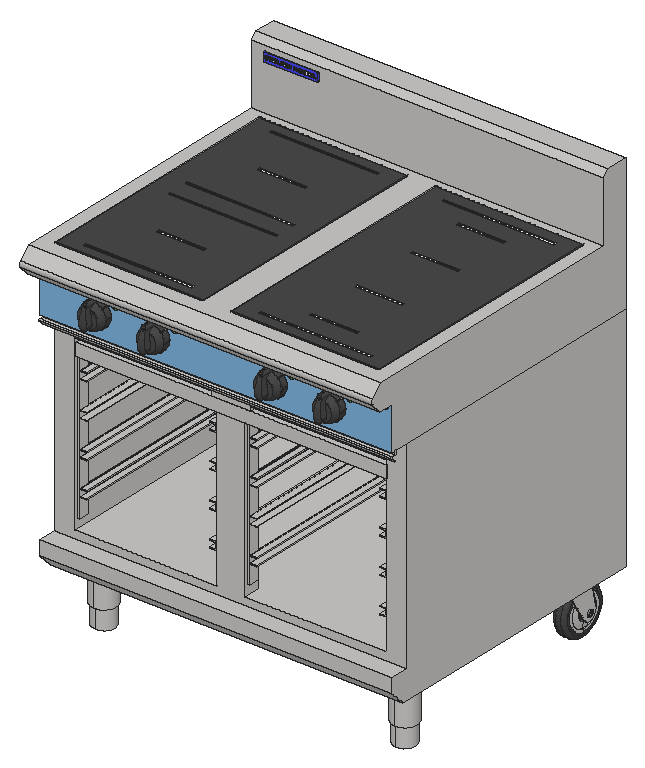
Revit family "QF_Moffat_IN514R5F-CB_Induction_Cooktop_cat", category Specialty Equipment, Revit 2019
Family settings
  Round Connector Dimension = Use Diameter
  Part Type = Normal
  Work Plane-Based = No
  Always vertical = Yes
  Cut with Voids When Loaded = No
  Shared = No
  Room Calculation Point = No
Parameters (values of type "IN514R5F-CB")
  Weight in Kilograms = 105
  Watts = 11620 W
  Volts = 415 V
  URL Cutsheet = ""
  Specification by User = ""
  Specification by Manufacturer = ""
  Show Logo [instance] = yes
  Show Legs [instance] = not(Show Castors)  # no
  Show Castors [instance] = yes
  Serial Number = ""
  Seismic Rating = ""
  SMACNA No = ""
  Revision Code = ""
  Phase = 3
  Number of Poles = 1
  NAFEM Spec ID Number = ""
  Model = "IN514R5F-CB"
  Min Ckt Ampacity = 0 A
  Max Overcurrent Protection = 0 A
  Masterspec = ""
  Manufacturer = "Moffat"
  Length = 900 mm
  Item Number = ""
  Installed By = ""
  Identify Quantity as Lot = yes
  Height = 1085 mm
  HP = ""
  Furnished By = ""
  Foodservice Equipment Identifier = yes
  FL Amps = 28 A
  Electrical Remarks = ""
  Electric Connection Type = ""
  Elec Conn RI Height = 0 mm
  Elec Conn Connection Height = 0 mm
  Description = "Induction Cooktop"
  Depth = 812.2 mm
  Cycle = 60 Hz
  Conn Plug = ""
  Conn Conduit = yes
  CSI MasterFormat = ""
  Apparent Power = if(Phase = 3, Volts * FL Amps * 1.73, Volts * FL Amps)  # 20102.6 VA
Reference planes
  plane 1 "BACK": y = 0
  plane 2: z = 0
  plane 3 "LEFT": x = 0
  plane 4 "RIGHT": x = 900
  plane 5 "FRONT": y = -812.2
  plane 6 "TOP": z = 1085
  plane 7 "Center Y": x = 450
  plane 8 "Center X": y = -406.1
  plane 9: x = 65.5
  plane 10: x = 834.5
  plane 11: y = -30
  plane 12: x = 770
  plane 13: z = 635
  plane 14: y = -100
  plane 15: y = -625
  plane 16: z = 150
Forms (mm)
  Extrusion 1, solid, material "QF_Metal_Stainless_Polished"
    sketch origin (0, 0, 560) x (0, 1, 0) y (0, 0, 1)
      loop
        line (0, 180) -> (0, 525) -> (-57, 525) -> (-70, 512) -> (-70, 354.5) -> (-784.171, 354.5) -> (-808.685, 329.985)
        arc (-808.685, 329.985) -> (-812.2, 321.5) -> (-808.685, 313.015) r 12
        line (-808.685, 313.015) -> (-785.171, 289.5) -> (-749, 289.5) -> (-749, 180) -> (0, 180)
    from 0 to 900
  Extrusion 2, void
    sketch origin (0, -784.171, 914.5) x (0, 1, 0) y (-1, 0, 0)
      loop
        arc (44.671, -33.5) -> (40.428, -35.257) -> (38.671, -39.5) r 6
        line (38.671, -39.5) -> (38.671, -410.5)
        arc (38.671, -410.5) -> (40.428, -414.743) -> (44.671, -416.5) r 6
        line (44.671, -416.5) -> (690.671, -416.5)
        arc (690.671, -416.5) -> (694.913, -414.743) -> (696.671, -410.5) r 6
        line (696.671, -410.5) -> (696.671, -39.5)
        arc (696.671, -39.5) -> (694.913, -35.257) -> (690.671, -33.5) r 6
        line (690.671, -33.5) -> (44.671, -33.5)
      loop
        arc (44.671, -483.5) -> (40.428, -485.257) -> (38.671, -489.5) r 6
        line (38.671, -489.5) -> (38.671, -860.5)
        arc (38.671, -860.5) -> (40.428, -864.743) -> (44.671, -866.5) r 6
        line (44.671, -866.5) -> (690.671, -866.5)
        arc (690.671, -866.5) -> (694.913, -864.743) -> (696.671, -860.5) r 6
        line (696.671, -860.5) -> (696.671, -489.5)
        arc (696.671, -489.5) -> (694.913, -485.257) -> (690.671, -483.5) r 6
        line (690.671, -483.5) -> (44.671, -483.5)
    from 0 to -9.5
  Extrusion 3, solid, material "QF_Plastic_White_Smooth"
    sketch origin (0, -784.171, 905) x (0, 1, 0) y (-1, 0, 0)
      loop
        line (660.921, -362.5) -> (666.921, -362.5) -> (666.921, -87.5) -> (660.921, -87.5) -> (660.921, -362.5)
      loop
        line (526.421, -285) -> (532.421, -285) -> (532.421, -165) -> (526.421, -165) -> (526.421, -285)
      loop
        line (397.921, -87.5) -> (391.921, -87.5) -> (391.921, -362.5) -> (397.921, -362.5) -> (397.921, -87.5)
      loop
        line (337.421, -362.5) -> (343.421, -362.5) -> (343.421, -87.5) -> (337.421, -87.5) -> (337.421, -362.5)
      loop
        line (208.921, -165) -> (202.921, -165) -> (202.921, -285) -> (208.921, -285) -> (208.921, -165)
      loop
        line (68.421, -362.5) -> (74.421, -362.5) -> (74.421, -87.5) -> (68.421, -87.5) -> (68.421, -362.5)
      loop
        line (657.071, -817.5) -> (663.071, -817.5) -> (663.071, -532.5) -> (657.071, -532.5) -> (657.071, -817.5)
      loop
        line (605.471, -615) -> (599.471, -615) -> (599.471, -735) -> (605.471, -735) -> (605.471, -615)
      loop
        line (458.971, -615) -> (452.971, -615) -> (452.971, -735) -> (458.971, -735) -> (458.971, -615)
      loop
        line (275.971, -735) -> (281.971, -735) -> (281.971, -615) -> (275.971, -615) -> (275.971, -735)
      loop
        line (135.471, -615) -> (129.471, -615) -> (129.471, -735) -> (135.471, -735) -> (135.471, -615)
      loop
        line (77.871, -532.5) -> (71.871, -532.5) -> (71.871, -817.5) -> (77.871, -817.5) -> (77.871, -532.5)
    from 0 to 9.5
  Extrusion 4, solid, material "QF_Plastic_Black_Smooth"
    sketch origin (0, -784.171, 914.5) x (0, 1, 0) y (-1, 0, 0)
      loop
        line (692.671, -410.5) -> (692.671, -39.5)
        arc (692.671, -39.5) -> (692.085, -38.086) -> (690.671, -37.5) r 2
        line (690.671, -37.5) -> (44.671, -37.5)
        arc (44.671, -37.5) -> (43.256, -38.086) -> (42.671, -39.5) r 2
        line (42.671, -39.5) -> (42.671, -410.5)
        arc (42.671, -410.5) -> (43.256, -411.914) -> (44.671, -412.5) r 2
        line (44.671, -412.5) -> (690.671, -412.5)
        arc (690.671, -412.5) -> (692.085, -411.914) -> (692.671, -410.5) r 2
      loop
        line (692.671, -860.5) -> (692.671, -489.5)
        arc (692.671, -489.5) -> (692.085, -488.086) -> (690.671, -487.5) r 2
        line (690.671, -487.5) -> (44.671, -487.5)
        arc (44.671, -487.5) -> (43.256, -488.086) -> (42.671, -489.5) r 2
        line (42.671, -489.5) -> (42.671, -860.5)
        arc (42.671, -860.5) -> (43.256, -861.914) -> (44.671, -862.5) r 2
        line (44.671, -862.5) -> (690.671, -862.5)
        arc (690.671, -862.5) -> (692.085, -861.914) -> (692.671, -860.5) r 2
      loop
        line (660.921, -87.5) -> (660.921, -362.5) -> (666.921, -362.5) -> (666.921, -87.5) -> (660.921, -87.5)
      loop
        line (526.421, -165) -> (526.421, -285) -> (532.421, -285) -> (532.421, -165) -> (526.421, -165)
      loop
        line (391.921, -87.5) -> (391.921, -362.5) -> (397.921, -362.5) -> (397.921, -87.5) -> (391.921, -87.5)
      loop
        line (337.421, -362.5) -> (343.421, -362.5) -> (343.421, -87.5) -> (337.421, -87.5) -> (337.421, -362.5)
      loop
        line (202.921, -285) -> (208.921, -285) -> (208.921, -165) -> (202.921, -165) -> (202.921, -285)
      loop
        line (74.421, -87.5) -> (68.421, -87.5) -> (68.421, -362.5) -> (74.421, -362.5) -> (74.421, -87.5)
      loop
        line (657.071, -532.5) -> (657.071, -817.5) -> (663.071, -817.5) -> (663.071, -532.5) -> (657.071, -532.5)
      loop
        line (605.471, -735) -> (605.471, -615) -> (599.471, -615) -> (599.471, -735) -> (605.471, -735)
      loop
        line (458.971, -735) -> (458.971, -615) -> (452.971, -615) -> (452.971, -735) -> (458.971, -735)
      loop
        line (281.971, -735) -> (281.971, -615) -> (275.971, -615) -> (275.971, -735) -> (281.971, -735)
      loop
        line (135.471, -735) -> (135.471, -615) -> (129.471, -615) -> (129.471, -735) -> (135.471, -735)
      loop
        line (77.871, -817.5) -> (77.871, -532.5) -> (71.871, -532.5) -> (71.871, -817.5) -> (77.871, -817.5)
    from 0 to -9.5
  Extrusion 5, solid, material "QF_Metal_Stainless_Polished"
    sketch origin (0, 0, 600) x (0, 1, 0) y (0, 0, 1)
      loop
        line (-737.8, 140) -> (-737.8, 130) -> (-747.305, 130)
        arc (-747.305, 130) -> (-750.276, 128.015) -> (-749.579, 124.511) r 3.215
        line (-749.579, 124.511) -> (-739.05, 113.982) -> (-737.919, 115.113) -> (-748.447, 125.642)
        arc (-748.447, 125.642) -> (-748.797, 127.403) -> (-747.305, 128.4) r 1.615
        line (-747.305, 128.4) -> (-736.2, 128.4) -> (-736.2, 140) -> (-737.8, 140)
    from 0 to 900
  Extrusion 6, solid, material "QF_Plastic_Black_Smooth"
    sketch origin (0, -749, 741.875) x (0, 0, 1) y (-1, 0, 0)
      loop
        circle (99.343, -13.157) r 5
      loop
        circle (99.343, -886.843) r 5
      loop
        circle (99.343, -150) r 5
      loop
        circle (99.343, -300) r 5
      loop
        circle (99.343, -600) r 5
      loop
        circle (99.343, -750) r 5
    from 0 to 1.6
  Extrusion 7, solid, material "QF_Metal_Stainless_Polished"
    sketch origin (0, -699, 640) x (0, 1, 0) y (1, 0, 0)
      loop
        circle (669, 770) r 6.35
    from 0 to 1.6
  Extrusion 8, solid, material "QF_Metal_Stainless_Polished"
    sketch origin (0, -699, 645) x (1, 0, 0) y (0, -1, 0)
      loop
        line (0, -699) -> (900, -699) -> (900, 0) -> (849.2, 0) -> (849.2, -25.4) -> (50.8, -25.4) -> (50.8, 0) -> (0, 0) -> (0, -699)
    from 5 to -95
  Revolve 9, solid, material "QF_Metal_Stainless_Polished"
    sketch origin (65.5, -4572, 255.2) x (0, 0, -1) y (0, -1, 0)
      loop
        line (255.2, -3974.5) -> (255.2, -3947) -> (105.2, -3947) -> (105.2, -3978.75) -> (205.2, -3978.75) -> (205.2, -3974.5) -> (255.2, -3974.5)
      axis (105.2, -3947) -> (255.2, -3947)
    angle from 0 to 360
  Revolve 10, solid, material "QF_Metal_Stainless_Polished"
    sketch origin (834.5, -4572, 255.2) x (0, 0, -1) y (0, 1, 0)
      loop
        line (255.2, 3974.5) -> (205.2, 3974.5) -> (205.2, 3978.75) -> (105.2, 3978.75) -> (105.2, 3947) -> (255.2, 3947) -> (255.2, 3974.5)
      axis (105.2, 3947) -> (255.2, 3947)
    angle from 0 to 360
  Extrusion 11, solid, material "QF_Metal_Stainless_Polished"
    sketch origin (0, 0, 0) x (0, 1, 0) y (0, 0, 1)
      loop
        line (-50.8, 150) -> (-50.8, 242.5) -> (-699, 242.5) -> (-699, 222.5) -> (-747.95, 222.5) -> (-747.95, 186) -> (-711.95, 150) -> (-50.8, 150)
    from 0 to 900
  Extrusion 12, solid, material "QF_Metal_Stainless_Polished"
    sketch origin (-6096, 120, 150) x (0, 1, 0) y (-1, 0, 0)
      loop
        line (-120, -6096) -> (-819, -6096) -> (-819, -6146.8) -> (-170.8, -6146.8) -> (-170.8, -6510.5) -> (-196.2, -6510.5) -> (-196.2, -6581.5) -> (-170.8, -6581.5) -> (-170.8, -6945.2) -> (-819, -6945.2) -> (-819, -6996) -> (-120, -6996) -> (-120, -6096)
      loop
        line (-778.9, -6510.5) -> (-819, -6510.5) -> (-819, -6581.5) -> (-778.9, -6581.5) -> (-778.9, -6510.5)
    from 0 to 490
  Extrusion 13, solid, material "QF_Metal_Stainless_Polished"
    sketch origin (50.8, -50.8, 460) x (0, 0, 1) y (1, 0, 0)
      loop
        line (127.5, 25.4) -> (127.5, 6.4) -> (147.5, 6.4) -> (147.5, 25.4) -> (145.9, 25.4) -> (145.9, 8) -> (129.1, 8) -> (129.1, 25.4) -> (127.5, 25.4)
      loop
        line (37.5, 25.4) -> (37.5, 6.4) -> (57.5, 6.4) -> (57.5, 25.4) -> (55.9, 25.4) -> (55.9, 8) -> (39.1, 8) -> (39.1, 25.4) -> (37.5, 25.4)
      loop
        line (-52.5, 25.4) -> (-52.5, 6.4) -> (-32.5, 6.4) -> (-32.5, 25.4) -> (-34.1, 25.4) -> (-34.1, 8) -> (-50.9, 8) -> (-50.9, 25.4) -> (-52.5, 25.4)
      loop
        line (-142.5, 25.4) -> (-142.5, 6.4) -> (-122.5, 6.4) -> (-122.5, 25.4) -> (-124.1, 25.4) -> (-124.1, 8) -> (-140.9, 8) -> (-140.9, 25.4) -> (-142.5, 25.4)
    from 0 to -641.85
  Extrusion 14, solid, material "QF_Metal_Stainless_Polished"
    sketch origin (50.8, 44.437, 150) x (0, 1, 0) y (0, 0, 1)
      loop
        line (-95.237, 488.4) -> (-120.637, 488.4) -> (-120.637, 117.5) -> (-95.237, 117.5) -> (-95.237, 488.4)
      loop
        line (-709.687, 117.5) -> (-709.687, 490) -> (-737.087, 490) -> (-737.087, 117.5) -> (-709.687, 117.5)
    from 0 to 6.4
  Extrusion 15, solid, material "QF_Metal_Stainless_Polished"
    sketch origin (66.1, -50.8, 460) x (0, 0, 1) y (1, 0, 0)
      loop
        line (127.5, 323) -> (129.1, 323) -> (129.1, 340.4) -> (145.9, 340.4) -> (145.9, 323) -> (147.5, 323) -> (147.5, 342) -> (127.5, 342) -> (127.5, 323)
      loop
        line (37.5, 323) -> (39.1, 323) -> (39.1, 340.4) -> (55.9, 340.4) -> (55.9, 323) -> (57.5, 323) -> (57.5, 342) -> (37.5, 342) -> (37.5, 323)
      loop
        line (-52.5, 323) -> (-50.9, 323) -> (-50.9, 340.4) -> (-34.1, 340.4) -> (-34.1, 323) -> (-32.5, 323) -> (-32.5, 342) -> (-52.5, 342) -> (-52.5, 323)
      loop
        line (-142.5, 323) -> (-140.9, 323) -> (-140.9, 340.4) -> (-124.1, 340.4) -> (-124.1, 323) -> (-122.5, 323) -> (-122.5, 342) -> (-142.5, 342) -> (-142.5, 323)
    from 0 to -641.85
  Extrusion 16, solid, material "QF_Metal_Stainless_Polished"
    sketch origin (414.5, 44.437, 150) x (0, 1, 0) y (0, 0, -1)
      loop
        line (-95.237, -488.4) -> (-95.237, -117.5) -> (-120.637, -117.5) -> (-120.637, -488.4) -> (-95.237, -488.4)
      loop
        line (-709.687, -117.5) -> (-737.087, -117.5) -> (-737.087, -490) -> (-709.687, -490) -> (-709.687, -117.5)
    from 0 to 6.4
  Revolve 17, solid, material "QF_Metal_Stainless_Polished", visible <- "Show Legs"
    sketch origin (65.5, -4047, 255.2) x (0, 0, -1) y (0, -1, 0)
      loop
        line (255.2, -3974.5) -> (255.2, -3947) -> (105.2, -3947) -> (105.2, -3978.75) -> (205.2, -3978.75) -> (205.2, -3974.5) -> (255.2, -3974.5)
      axis (105.2, -3947) -> (255.2, -3947)
    angle from 0 to 360
  Revolve 18, solid, material "QF_Metal_Stainless_Polished", visible <- "Show Legs"
    sketch origin (834.5, -4047, 255.2) x (0, 0, -1) y (0, 1, 0)
      loop
        line (255.2, 3974.5) -> (205.2, 3974.5) -> (205.2, 3978.75) -> (105.2, 3978.75) -> (105.2, 3947) -> (255.2, 3947) -> (255.2, 3974.5)
      axis (105.2, 3947) -> (255.2, 3947)
    angle from 0 to 360
  Extrusion 19, solid, material "QF_Paint_Green"
    sketch origin (-87.5, -749, 742.2) x (0, 0, 1) y (-1, 0, 0)
      loop
        circle (84.8, -282.5) r 7.15
    from 0 to 1.6
  Extrusion 20, solid, material "QF_Metal_Stainless_Polished"
    sketch origin (849.2, -673.6, 645) x (-1, 0, 0) y (0, 0, -1)
      loop
        line (0, -27.7) -> (798.4, -27.7) -> (798.4, 5) -> (0, 5) -> (0, -27.7)
      loop
        line (450, -61.4) -> (798.4, -61.4) -> (798.4, -37.7) -> (450, -37.7) -> (450, -61.4)
      loop
        line (798.4, -62.4) -> (0, -62.4) -> (0, -95) -> (798.4, -95) -> (798.4, -62.4)
      loop
        line (348.4, -61.4) -> (348.4, -37.7) -> (0, -37.7) -> (0, -61.4) -> (348.4, -61.4)
    from 0 to 25.4
  Extrusion 21, solid, material "QF_Metal_Stainless_Polished"
    sketch origin (849.2, -673.6, 645) x (1, 0, 0) y (0, 0, -1)
      loop
        line (-348.4, -62.4) -> (-348.4, -27.7) -> (-450, -27.7) -> (-450, -62.4) -> (-348.4, -62.4)
    from 0 to -25.4
  Extrusion 22, solid, material "QF_Metal_Stainless_Polished"
    sketch origin (833.9, -50.8, 460) x (0, 0, 1) y (1, 0, 0)
      loop
        line (127.5, -323) -> (127.5, -342) -> (147.5, -342) -> (147.5, -323) -> (145.9, -323) -> (145.9, -340.4) -> (129.1, -340.4) -> (129.1, -323) -> (127.5, -323)
      loop
        line (37.5, -323) -> (37.5, -342) -> (57.5, -342) -> (57.5, -323) -> (55.9, -323) -> (55.9, -340.4) -> (39.1, -340.4) -> (39.1, -323) -> (37.5, -323)
      loop
        line (-52.5, -323) -> (-52.5, -342) -> (-32.5, -342) -> (-32.5, -323) -> (-34.1, -323) -> (-34.1, -340.4) -> (-50.9, -340.4) -> (-50.9, -323) -> (-52.5, -323)
      loop
        line (-142.5, -323) -> (-142.5, -342) -> (-122.5, -342) -> (-122.5, -323) -> (-124.1, -323) -> (-124.1, -340.4) -> (-140.9, -340.4) -> (-140.9, -323) -> (-142.5, -323)
    from 0 to -641.85
  Extrusion 23, solid, material "QF_Metal_Stainless_Polished"
    sketch origin (485.5, 44.437, 150) x (0, 1, 0) y (0, 0, 1)
      loop
        line (-95.237, 488.4) -> (-120.637, 488.4) -> (-120.637, 117.5) -> (-95.237, 117.5) -> (-95.237, 488.4)
      loop
        line (-709.687, 117.5) -> (-709.687, 490) -> (-737.087, 490) -> (-737.087, 117.5) -> (-709.687, 117.5)
    from 0 to 6.4
  Extrusion 24, solid, material "QF_Metal_Stainless_Polished"
    sketch origin (849.2, -50.8, 460) x (0, 0, 1) y (1, 0, 0)
      loop
        line (127.5, -25.4) -> (129.1, -25.4) -> (129.1, -8) -> (145.9, -8) -> (145.9, -25.4) -> (147.5, -25.4) -> (147.5, -6.4) -> (127.5, -6.4) -> (127.5, -25.4)
      loop
        line (37.5, -25.4) -> (39.1, -25.4) -> (39.1, -8) -> (55.9, -8) -> (55.9, -25.4) -> (57.5, -25.4) -> (57.5, -6.4) -> (37.5, -6.4) -> (37.5, -25.4)
      loop
        line (-52.5, -25.4) -> (-50.9, -25.4) -> (-50.9, -8) -> (-34.1, -8) -> (-34.1, -25.4) -> (-32.5, -25.4) -> (-32.5, -6.4) -> (-52.5, -6.4) -> (-52.5, -25.4)
      loop
        line (-142.5, -25.4) -> (-140.9, -25.4) -> (-140.9, -8) -> (-124.1, -8) -> (-124.1, -25.4) -> (-122.5, -25.4) -> (-122.5, -6.4) -> (-142.5, -6.4) -> (-142.5, -25.4)
    from 0 to -641.85
  Extrusion 25, solid, material "QF_Metal_Stainless_Polished"
    sketch origin (849.2, 44.437, 150) x (0, 1, 0) y (0, 0, -1)
      loop
        line (-95.237, -488.4) -> (-95.237, -117.5) -> (-120.637, -117.5) -> (-120.637, -488.4) -> (-95.237, -488.4)
      loop
        line (-709.687, -117.5) -> (-737.087, -117.5) -> (-737.087, -490) -> (-709.687, -490) -> (-709.687, -117.5)
    from 0 to 6.4
  Extrusion 26, solid, material "QF_Paint_Green"
    sketch origin (62.5, -749, 742.2) x (0, 0, 1) y (-1, 0, 0)
      loop
        circle (84.8, -282.5) r 7.15
    from 0 to 1.6
  Extrusion 27, solid, material "QF_Paint_Green"
    sketch origin (362.5, -749, 742.2) x (0, 0, 1) y (-1, 0, 0)
      loop
        circle (84.8, -282.5) r 7.15
    from 0 to 1.6
  Extrusion 28, solid, material "QF_Paint_Green"
    sketch origin (512.5, -749, 742.2) x (0, 0, 1) y (-1, 0, 0)
      loop
        circle (84.8, -282.5) r 7.15
    from 0 to 1.6
Cuts and joins
  Extrusion 2 cuts Extrusion 1
  joined: Revolve 9, Revolve 10
  joined: Extrusion 8, Extrusion 11, Extrusion 12
Lines and regions (mm)
  symbolic lines
    curve 1: line (0, 0, 0) -> (900, 0, 0)
    curve 2: line (0, -812.2, 0) -> (0, 0, 0)
    curve 3: line (900, -812.2, 0) -> (0, -812.2, 0)
    curve 4: line (900, 0, 0) -> (900, -812.2, 0)
    curve 5: line (0, -57, 0) -> (900, -57, 0)
    curve 6: line (0, -70, 0) -> (900, -70, 0)
    curve 7: line (0, -784.171, 0) -> (900, -784.171, 0)
    curve 8: line (39.5, -87.5, 0) -> (410.5, -87.5, 0)
    curve 9: arc (410.5, -87.5, 0) -> (414.743, -89.257, 0) -> (416.5, -93.5, 0) r 6
    curve 10: line (416.5, -93.5, 0) -> (416.5, -739.5, 0)
    curve 11: arc (416.5, -739.5, 0) -> (414.743, -743.743, 0) -> (410.5, -745.5, 0) r 6
    curve 12: line (410.5, -745.5, 0) -> (39.5, -745.5, 0)
    curve 13: arc (39.5, -745.5, 0) -> (35.257, -743.743, 0) -> (33.5, -739.5, 0) r 6
    curve 14: line (33.5, -739.5, 0) -> (33.5, -93.5, 0)
    curve 15: arc (33.5, -93.5, 0) -> (35.257, -89.257, 0) -> (39.5, -87.5, 0) r 6
    curve 16: line (410.5, -91.5, 0) -> (39.5, -91.5, 0)
    curve 17: arc (39.5, -91.5, 0) -> (38.086, -92.086, 0) -> (37.5, -93.5, 0) r 2
    curve 18: line (37.5, -93.5, 0) -> (37.5, -739.5, 0)
    curve 19: arc (37.5, -739.5, 0) -> (38.086, -740.914, 0) -> (39.5, -741.5, 0) r 2
    curve 20: line (39.5, -741.5, 0) -> (410.5, -741.5, 0)
    curve 21: arc (410.5, -741.5, 0) -> (411.914, -740.914, 0) -> (412.5, -739.5, 0) r 2
    curve 22: line (412.5, -739.5, 0) -> (412.5, -93.5, 0)
    curve 23: arc (412.5, -93.5, 0) -> (411.914, -92.086, 0) -> (410.5, -91.5, 0) r 2
    curve 24: line (87.5, -117.25, 0) -> (362.5, -117.25, 0)
    curve 25: line (362.5, -117.25, 0) -> (362.5, -123.25, 0)
    curve 26: line (362.5, -123.25, 0) -> (87.5, -123.25, 0)
    curve 27: line (87.5, -123.25, 0) -> (87.5, -117.25, 0)
    curve 28: line (285, -257.75, 0) -> (165, -257.75, 0)
    curve 29: line (165, -257.75, 0) -> (165, -251.75, 0)
    curve 30: line (165, -251.75, 0) -> (285, -251.75, 0)
    curve 31: line (285, -251.75, 0) -> (285, -257.75, 0)
    curve 32: line (362.5, -392.25, 0) -> (87.5, -392.25, 0)
    curve 33: line (87.5, -392.25, 0) -> (87.5, -386.25, 0)
    curve 34: line (87.5, -386.25, 0) -> (362.5, -386.25, 0)
    curve 35: line (362.5, -386.25, 0) -> (362.5, -392.25, 0)
    curve 36: line (362.5, -446.75, 0) -> (87.5, -446.75, 0)
    curve 37: line (87.5, -446.75, 0) -> (87.5, -440.75, 0)
    curve 38: line (87.5, -440.75, 0) -> (362.5, -440.75, 0)
    curve 39: line (362.5, -440.75, 0) -> (362.5, -446.75, 0)
    curve 40: line (285, -581.25, 0) -> (165, -581.25, 0)
    curve 41: line (165, -581.25, 0) -> (165, -575.25, 0)
    curve 42: line (165, -575.25, 0) -> (285, -575.25, 0)
    curve 43: line (285, -575.25, 0) -> (285, -581.25, 0)
    curve 44: line (362.5, -715.75, 0) -> (87.5, -715.75, 0)
    curve 45: line (87.5, -715.75, 0) -> (87.5, -709.75, 0)
    curve 46: line (87.5, -709.75, 0) -> (362.5, -709.75, 0)
    curve 47: line (362.5, -709.75, 0) -> (362.5, -715.75, 0)
    curve 48: line (860.5, -745.5, 0) -> (489.5, -745.5, 0)
    curve 49: arc (489.5, -745.5, 0) -> (485.257, -743.743, 0) -> (483.5, -739.5, 0) r 6
    curve 50: line (483.5, -739.5, 0) -> (483.5, -93.5, 0)
    curve 51: arc (483.5, -93.5, 0) -> (485.257, -89.257, 0) -> (489.5, -87.5, 0) r 6
    curve 52: line (489.5, -87.5, 0) -> (860.5, -87.5, 0)
    curve 53: arc (860.5, -87.5, 0) -> (864.743, -89.257, 0) -> (866.5, -93.5, 0) r 6
    curve 54: line (866.5, -93.5, 0) -> (866.5, -739.5, 0)
    curve 55: arc (866.5, -739.5, 0) -> (864.743, -743.743, 0) -> (860.5, -745.5, 0) r 6
    curve 56: line (489.5, -741.5, 0) -> (860.5, -741.5, 0)
    curve 57: arc (860.5, -741.5, 0) -> (861.914, -740.914, 0) -> (862.5, -739.5, 0) r 2
    curve 58: line (862.5, -739.5, 0) -> (862.5, -93.5, 0)
    curve 59: arc (862.5, -93.5, 0) -> (861.914, -92.086, 0) -> (860.5, -91.5, 0) r 2
    curve 60: line (860.5, -91.5, 0) -> (489.5, -91.5, 0)
    curve 61: arc (489.5, -91.5, 0) -> (488.086, -92.086, 0) -> (487.5, -93.5, 0) r 2
    curve 62: line (487.5, -93.5, 0) -> (487.5, -739.5, 0)
    curve 63: arc (487.5, -739.5, 0) -> (488.086, -740.914, 0) -> (489.5, -741.5, 0) r 2
    curve 64: line (817.5, -127.1, 0) -> (532.5, -127.1, 0)
    curve 65: line (532.5, -127.1, 0) -> (532.5, -121.1, 0)
    curve 66: line (532.5, -121.1, 0) -> (817.5, -121.1, 0)
    curve 67: line (817.5, -121.1, 0) -> (817.5, -127.1, 0)
    curve 68: line (615, -178.7, 0) -> (735, -178.7, 0)
    curve 69: line (735, -178.7, 0) -> (735, -184.7, 0)
    curve 70: line (735, -184.7, 0) -> (615, -184.7, 0)
    curve 71: line (615, -184.7, 0) -> (615, -178.7, 0)
    curve 72: line (615, -325.2, 0) -> (735, -325.2, 0)
    curve 73: line (735, -325.2, 0) -> (735, -331.2, 0)
    curve 74: line (735, -331.2, 0) -> (615, -331.2, 0)
    curve 75: line (615, -331.2, 0) -> (615, -325.2, 0)
    curve 76: line (735, -508.2, 0) -> (615, -508.2, 0)
    curve 77: line (615, -508.2, 0) -> (615, -502.2, 0)
    curve 78: line (615, -502.2, 0) -> (735, -502.2, 0)
    curve 79: line (735, -502.2, 0) -> (735, -508.2, 0)
    curve 80: line (735, -654.7, 0) -> (615, -654.7, 0)
    curve 81: line (615, -654.7, 0) -> (615, -648.7, 0)
    curve 82: line (615, -648.7, 0) -> (735, -648.7, 0)
    curve 83: line (735, -648.7, 0) -> (735, -654.7, 0)
    curve 84: line (532.5, -706.3, 0) -> (817.5, -706.3, 0)
    curve 85: line (817.5, -706.3, 0) -> (817.5, -712.3, 0)
    curve 86: line (817.5, -712.3, 0) -> (532.5, -712.3, 0)
    curve 87: line (532.5, -712.3, 0) -> (532.5, -706.3, 0)
Dimensions and locks
  equal spacing: plane 3 "LEFT", plane 7 "Center Y", plane 4 "RIGHT"
  "Length": plane 3 "LEFT" to plane 4 "RIGHT"
  equal spacing: plane 5 "FRONT", plane 8 "Center X", plane 1 "BACK"
  "Depth": plane 5 "FRONT" to plane 1 "BACK"
  "Height": plane 6 "TOP" to level
  plane 9 to plane 10 = 769 mm
  plane 4 "RIGHT" to plane 3 "LEFT" = 900 mm
  plane 1 "BACK" to cut or joined group of Extrusion 1, Extrusion 2 = 70 mm
  plane 1 "BACK" to plane 5 "FRONT" = 812.2 mm
  plane 6 "TOP" to plane 2 = 1085 mm
  cut or joined group of Extrusion 1, Extrusion 2 to plane 2 = 914.5 mm
  locked: plane 12 to plane 4 "RIGHT" at 130
  plane 1 "BACK" to plane 11 = 30 mm
  plane 1 "BACK" to plane 14 to plane 15 = 100 mm, 525 mm
  plane 2 to plane 13 = 635 mm
  plane 16 to plane 2 = 150 mm
  aligned and locked: level to plane 2
Automatic sketch dimensions
  Extrusion 1 sketch curve to plane 6 "TOP" = 0 mm
  Extrusion 1 sketch curve to plane 1 "BACK" = 0 mm
  plane 11 to Extrusion 1 sketch curve = 27 mm
  Extrusion 1 sketch curve to plane 6 "TOP" = 13 mm
  Extrusion 1 sketch curve to Extrusion 1 sketch curve = 13 mm
  Extrusion 1 sketch curve to plane 5 "FRONT" = 63.2 mm
  Extrusion 1 sketch curve to plane 5 "FRONT" = 28.029 mm
  Extrusion 1 sketch curve to plane 5 "FRONT" = 27.029 mm
  Extrusion 1 sketch curve to plane 5 "FRONT" = 12 mm
  Extrusion 1 sketch curve to plane 5 "FRONT" = 3.515 mm  (x2)
  Extrusion 1 sketch curve to plane 6 "TOP" = 170.5 mm
  Extrusion 1 sketch curve to Extrusion 1 sketch curve = 24.515 mm
  Extrusion 1 sketch curve to Extrusion 1 sketch curve = 8.485 mm
  Extrusion 1 sketch curve to Extrusion 1 sketch curve = 32 mm
  Extrusion 1 sketch curve to plane 13 = 105 mm
  Extrusion 5 sketch curve to Extrusion 5 sketch curve = 0 mm  (x2)
  Extrusion 5 sketch curve to plane 5 "FRONT" = 62.621 mm
  Extrusion 5 sketch curve to Extrusion 5 sketch curve = 1.131 mm  (x3)
  Extrusion 5 sketch curve to Extrusion 5 sketch curve = 1.142 mm  (x2)
  Extrusion 5 sketch curve to Extrusion 5 sketch curve = 10.529 mm
  Extrusion 5 sketch curve to Extrusion 5 sketch curve = 9.505 mm
  Extrusion 5 sketch curve to Extrusion 5 sketch curve = 1.6 mm
  Extrusion 5 sketch curve to plane 13 = 78.982 mm
  Extrusion 5 sketch curve to Extrusion 5 sketch curve = 10 mm
  Extrusion 8 to Extrusion 7 sketch curve = 30 mm
  Extrusion 7 sketch curve to Extrusion 8 = 79.2 mm
  plane 1 "BACK" to Extrusion 8 sketch curve = 0 mm
  Extrusion 8 sketch curve to plane 3 "LEFT" = 0 mm
  Extrusion 8 sketch curve to plane 4 "RIGHT" = 0 mm
  plane 9 to Extrusion 8 sketch curve = 14.7 mm
  Extrusion 8 sketch curve to plane 10 = 14.7 mm
  plane 15 to Extrusion 8 sketch curve = 48.6 mm
  Extrusion 8 sketch curve to Extrusion 8 sketch curve = 25.4 mm  (x2)
  Revolve 9 sketch curve to plane 15 = 0 mm  (x2)
  Revolve 9 sketch curve to plane 16 = 0 mm
  Revolve 9 sketch curve to level = 0 mm  (x2)
  level to Revolve 9 sketch curve = 50 mm
  Revolve 9 sketch curve to Revolve 9 sketch curve = 27.5 mm
  Revolve 9 sketch curve to Revolve 9 sketch curve = 31.75 mm
  Revolve 9 sketch curve to Revolve 9 sketch curve = 25 mm
  Revolve 10 sketch curve to plane 15 = 0 mm  (x2)
  Revolve 10 sketch curve to plane 16 = 0 mm
  Revolve 10 sketch curve to level = 0 mm  (x2)
  level to Revolve 10 sketch curve = 50 mm
  Revolve 10 sketch curve to plane 15 = 27.5 mm
  Revolve 10 sketch curve to Revolve 10 sketch curve = 4.25 mm
  Revolve 10 sketch curve to Revolve 10 sketch curve = 25 mm
  Extrusion 11 sketch curve to plane 16 = 0 mm
  Extrusion 11 sketch curve to plane 5 "FRONT" = 64.25 mm
  Extrusion 11 sketch curve to Extrusion 11 sketch curve = 36 mm
  Extrusion 11 sketch curve to Extrusion 11 sketch curve = 48.95 mm
  plane 11 to Extrusion 11 sketch curve = 20.8 mm
  plane 16 to Extrusion 11 sketch curve = 36 mm
  Extrusion 11 sketch curve to Extrusion 11 sketch curve = 36.5 mm
  plane 16 to Extrusion 11 sketch curve = 92.5 mm
  Extrusion 12 sketch curve to plane 3 "LEFT" = 0 mm
  Extrusion 12 sketch curve to plane 4 "RIGHT" = 0 mm
  plane 1 "BACK" to Extrusion 12 sketch curve = 0 mm
  plane 11 to Extrusion 12 sketch curve = 20.8 mm  (x2)
  Extrusion 12 sketch curve to plane 14 = 23.8 mm
  plane 15 to Extrusion 12 sketch curve = 33.9 mm
  Extrusion 12 sketch curve to Extrusion 12 sketch curve = 40.1 mm
  Extrusion 12 sketch curve to plane 10 = 14.7 mm
  plane 15 to Extrusion 12 sketch curve = 74 mm  (x2)
  plane 9 to Extrusion 12 sketch curve = 14.7 mm
  plane 7 "Center Y" to Extrusion 12 sketch curve = 35.5 mm  (x2)
  Extrusion 12 sketch curve to plane 7 "Center Y" = 35.5 mm  (x2)
  Extrusion 14 to Extrusion 13 sketch curve = 0 mm  (x4)
  Extrusion 13 sketch curve to Extrusion 14 = 19 mm  (x4)
  Extrusion 14 to Extrusion 13 sketch curve = 50 mm
  Extrusion 13 sketch curve to Extrusion 13 sketch curve = 1.6 mm  (x8)
  Extrusion 13 sketch curve to Extrusion 14 = 1.6 mm  (x4)
  Extrusion 13 sketch curve to Extrusion 13 sketch curve = 16.8 mm  (x4)
  Extrusion 13 sketch curve to Extrusion 13 sketch curve = 70 mm  (x2)
  Extrusion 13 sketch curve to Extrusion 14 = 50.9 mm
  Extrusion 13 sketch curve to Extrusion 13 sketch curve = 17.4 mm  (x3)
  Extrusion 13 sketch curve to Extrusion 13 sketch curve = 0 mm
  Extrusion 12 to Extrusion 14 sketch curve = 0 mm
  Extrusion 14 sketch curve to Extrusion 12 = 0 mm
  Extrusion 14 sketch curve to Extrusion 12 = 25.4 mm
  Extrusion 12 to Extrusion 14 sketch curve = 33.75 mm
  Extrusion 12 to Extrusion 14 sketch curve = 6.35 mm
  Extrusion 12 to Extrusion 14 sketch curve = 1.6 mm
  Extrusion 12 to Extrusion 14 sketch curve = 117.5 mm  (x2)
  Extrusion 14 to Extrusion 15 sketch curve = 50 mm
  Extrusion 15 sketch curve to Extrusion 15 sketch curve = 1.6 mm  (x12)
  Extrusion 15 sketch curve to Extrusion 15 sketch curve = 16.8 mm  (x4)
  Extrusion 15 sketch curve to Extrusion 15 sketch curve = 70 mm  (x2)
  Extrusion 15 sketch curve to Extrusion 14 = 50.9 mm
  Extrusion 15 sketch curve to Extrusion 14 = 331.9 mm
  Extrusion 15 sketch curve to Extrusion 15 sketch curve = 0 mm  (x7)
  Extrusion 15 sketch curve to Extrusion 15 sketch curve = 17.4 mm  (x4)
  plane 15 to Extrusion 16 sketch curve = 67.65 mm
  Extrusion 16 sketch curve to plane 13 = 5 mm
  Extrusion 16 sketch curve to Extrusion 16 sketch curve = 27.4 mm
  Extrusion 16 sketch curve to plane 13 = 3.4 mm
  Extrusion 16 sketch curve to plane 14 = 23.8 mm
  plane 11 to Extrusion 16 sketch curve = 20.8 mm
  plane 16 to Extrusion 16 sketch curve = 117.5 mm  (x2)
  Revolve 17 sketch curve to plane 14 = 0 mm  (x2)
  Revolve 17 sketch curve to plane 16 = 0 mm
  Revolve 17 sketch curve to level = 0 mm  (x2)
  level to Revolve 17 sketch curve = 50 mm
  Revolve 17 sketch curve to Revolve 17 sketch curve = 27.5 mm
  Revolve 17 sketch curve to Revolve 17 sketch curve = 31.75 mm
  Revolve 17 sketch curve to Revolve 17 sketch curve = 25 mm
  Revolve 18 sketch curve to plane 14 = 0 mm  (x2)
  Revolve 18 sketch curve to plane 16 = 0 mm
  Revolve 18 sketch curve to level = 0 mm  (x2)
  level to Revolve 18 sketch curve = 50 mm
  Revolve 18 sketch curve to plane 14 = 27.5 mm
  Revolve 18 sketch curve to Revolve 18 sketch curve = 4.25 mm
  Revolve 18 sketch curve to Revolve 18 sketch curve = 25 mm
  Extrusion 1 to Extrusion 19 sketch curve = 22.5 mm
  Extrusion 1 to Extrusion 19 sketch curve = 195 mm
  Extrusion 20 sketch curve to Extrusion 8 = 0 mm  (x8)
  Extrusion 8 to Extrusion 20 sketch curve = 42.7 mm
  Extrusion 20 sketch curve to Extrusion 8 = 348.4 mm
  Extrusion 8 to Extrusion 20 sketch curve = 33.6 mm
  Extrusion 20 sketch curve to Extrusion 20 sketch curve = 101.6 mm
  Extrusion 20 sketch curve to Extrusion 20 sketch curve = 1 mm  (x2)
  Extrusion 20 sketch curve to Extrusion 20 sketch curve = 23.7 mm
  Extrusion 20 sketch curve to Extrusion 20 sketch curve = 10 mm
  Extrusion 20 to Extrusion 21 sketch curve = 0 mm
  Extrusion 21 sketch curve to Extrusion 20 = 0 mm  (x3)
  Extrusion 14 to Extrusion 22 sketch curve = 50 mm
  Extrusion 22 sketch curve to Extrusion 22 sketch curve = 1.6 mm  (x12)
  Extrusion 22 sketch curve to Extrusion 22 sketch curve = 16.8 mm  (x4)
  Extrusion 22 sketch curve to Extrusion 22 sketch curve = 70 mm  (x2)
  Extrusion 22 sketch curve to Extrusion 14 = 50.9 mm
  Extrusion 22 sketch curve to Extrusion 14 = 434.7 mm
  Extrusion 22 sketch curve to Extrusion 22 sketch curve = 0 mm  (x4)
  Extrusion 22 sketch curve to Extrusion 22 sketch curve = 17.4 mm  (x7)
  plane 15 to Extrusion 23 sketch curve = 67.65 mm
  Extrusion 23 sketch curve to plane 13 = 5 mm
  Extrusion 23 sketch curve to Extrusion 23 sketch curve = 27.4 mm
  Extrusion 23 sketch curve to plane 13 = 3.4 mm
  Extrusion 23 sketch curve to plane 14 = 23.8 mm
  plane 11 to Extrusion 23 sketch curve = 20.8 mm
  plane 16 to Extrusion 23 sketch curve = 117.5 mm  (x2)
  Extrusion 24 sketch curve to Extrusion 25 = 0 mm  (x4)
  Extrusion 24 sketch curve to Extrusion 25 = 19 mm  (x4)
  Extrusion 25 to Extrusion 24 sketch curve = 50 mm
  Extrusion 24 sketch curve to Extrusion 24 sketch curve = 1.6 mm  (x8)
  Extrusion 24 sketch curve to Extrusion 25 = 1.6 mm  (x4)
  Extrusion 24 sketch curve to Extrusion 24 sketch curve = 16.8 mm  (x4)
  Extrusion 24 sketch curve to Extrusion 24 sketch curve = 70 mm  (x2)
  Extrusion 24 sketch curve to Extrusion 25 = 50.9 mm
  Extrusion 24 sketch curve to Extrusion 24 sketch curve = 0 mm  (x2)
  Extrusion 24 sketch curve to Extrusion 24 sketch curve = 17.4 mm  (x2)
  plane 15 to Extrusion 25 sketch curve = 67.65 mm
  Extrusion 25 sketch curve to plane 13 = 5 mm
  Extrusion 25 sketch curve to Extrusion 25 sketch curve = 27.4 mm
  Extrusion 25 sketch curve to plane 13 = 3.4 mm
  Extrusion 25 sketch curve to plane 14 = 23.8 mm
  plane 11 to Extrusion 25 sketch curve = 20.8 mm
  plane 16 to Extrusion 25 sketch curve = 117.5 mm  (x2)
  Extrusion 1 to Extrusion 26 sketch curve = 22.5 mm
  Extrusion 1 to Extrusion 26 sketch curve = 345 mm
  Extrusion 1 to Extrusion 27 sketch curve = 22.5 mm
  Extrusion 1 to Extrusion 27 sketch curve = 255 mm
  Extrusion 1 to Extrusion 28 sketch curve = 22.5 mm
  Extrusion 1 to Extrusion 28 sketch curve = 105 mm
  curve 3 to plane 3 "LEFT" = 0 mm
  curve 3 to plane 4 "RIGHT" = 0 mm
  plane 5 "FRONT" to curve 3 = 0 mm
  plane 1 "BACK" to curve 2 = 0 mm
  plane 11 to curve 5 = 27 mm
  curve 6 to curve 5 = 13 mm
  curve 3 to curve 7 = 28.029 mm
  Extrusion 1 to Extrusion 6 sketch curve = 8.282 mm  (x6)
  Extrusion 1 to Extrusion 6 sketch curve = 13.157 mm  (x2)
  Extrusion 6 sketch curve to Extrusion 6 sketch curve = 136.843 mm
  Extrusion 6 sketch curve to Extrusion 6 sketch curve = 150 mm
  Extrusion 1 to Extrusion 6 sketch curve = 300 mm
  Extrusion 1 to Extrusion 6 sketch curve = 150 mm
  Extrusion 2 sketch curve to Extrusion 1 = 38.671 mm  (x2)
  Extrusion 2 sketch curve to Extrusion 2 sketch curve = 6 mm  (x6)
  Extrusion 1 to Extrusion 2 sketch curve = 23.5 mm  (x4)
  Extrusion 1 to Extrusion 2 sketch curve = 416.5 mm
  Extrusion 1 to Extrusion 2 sketch curve = 39.5 mm  (x2)
  Extrusion 2 sketch curve to Extrusion 2 sketch curve = 67 mm
  Extrusion 4 sketch curve to Extrusion 1 = 42.671 mm  (x2)
  Extrusion 4 sketch curve to Extrusion 4 sketch curve = 2 mm  (x6)
  Extrusion 4 sketch curve to Extrusion 4 sketch curve = 23.75 mm
  Extrusion 4 sketch curve to Extrusion 4 sketch curve = 6 mm  (x12)
  Extrusion 4 sketch curve to Extrusion 4 sketch curve = 128.5 mm  (x3)
  Extrusion 4 sketch curve to Extrusion 4 sketch curve = 48.5 mm
  Extrusion 1 to Extrusion 4 sketch curve = 53.25 mm
  Extrusion 1 to Extrusion 4 sketch curve = 23.5 mm  (x4)
  Extrusion 1 to Extrusion 4 sketch curve = 37.5 mm
  Extrusion 4 sketch curve to Extrusion 4 sketch curve = 75 mm
  Extrusion 4 sketch curve to Extrusion 4 sketch curve = 0 mm  (x4)
  Extrusion 4 sketch curve to Extrusion 4 sketch curve = 48 mm  (x2)
  Extrusion 4 sketch curve to Extrusion 4 sketch curve = 77.5 mm  (x3)
  Extrusion 4 sketch curve to Extrusion 4 sketch curve = 120 mm  (x5)
  Extrusion 1 to Extrusion 4 sketch curve = 87.5 mm  (x3)
  Extrusion 1 to Extrusion 4 sketch curve = 39.5 mm
  Extrusion 3 sketch curve to Extrusion 2 = 35.75 mm  (x2)
  Extrusion 3 sketch curve to Extrusion 3 sketch curve = 6 mm  (x12)
  Extrusion 3 sketch curve to Extrusion 2 = 54 mm  (x7)
  Extrusion 3 sketch curve to Extrusion 3 sketch curve = 128.5 mm  (x3)
  Extrusion 3 sketch curve to Extrusion 2 = 131.5 mm  (x5)
  Extrusion 3 sketch curve to Extrusion 3 sketch curve = 120 mm  (x5)
  Extrusion 3 sketch curve to Extrusion 3 sketch curve = 48.5 mm
  Extrusion 3 sketch curve to Extrusion 3 sketch curve = 0 mm
  curve 14 to plane 14 = 6.5 mm
  plane 9 to curve 14 = 32 mm
  curve 14 to curve 15 = 6 mm
  curve 13 to curve 13 = 6 mm
  curve 9 to plane 14 = 6.5 mm
  curve 9 to plane 7 "Center Y" = 39.5 mm
  curve 12 to curve 10 = 6 mm
  curve 12 to plane 5 "FRONT" = 66.7 mm
  curve 9 to curve 23 = 0 mm  (x2)
  curve 11 to curve 21 = 0 mm  (x2)
  curve 13 to curve 19 = 0 mm  (x2)
  curve 15 to curve 17 = 0 mm
  curve 18 to curve 15 = 2 mm
  curve 27 to plane 9 = 22 mm
  plane 14 to curve 26 = 23.25 mm
  curve 26 to curve 23 = 48 mm
  curve 26 to curve 24 = 6 mm
  curve 30 to plane 9 = 99.5 mm
  curve 28 to curve 28 = 120 mm
  plane 8 "Center X" to curve 29 = 148.35 mm
  curve 28 to curve 31 = 6 mm
  curve 34 to plane 9 = 22 mm
  plane 8 "Center X" to curve 34 = 19.85 mm
  curve 34 to plane 7 "Center Y" = 87.5 mm
  curve 33 to curve 33 = 6 mm
  curve 38 to plane 9 = 22 mm
  curve 36 to curve 32 = 0 mm
  curve 37 to plane 8 "Center X" = 40.65 mm
  curve 36 to curve 38 = 6 mm
  curve 40 to plane 15 = 43.75 mm
  curve 40 to plane 9 = 99.5 mm
  curve 43 to plane 15 = 49.75 mm
  curve 41 to curve 43 = 120 mm
  curve 44 to plane 9 = 22 mm
  curve 47 to curve 21 = 48 mm
  curve 21 to curve 47 = 23.75 mm
  curve 44 to curve 46 = 6 mm
  curve 50 to plane 14 = 6.5 mm
  plane 7 "Center Y" to curve 50 = 33.5 mm
  curve 50 to curve 52 = 6 mm
  curve 49 to curve 48 = 6 mm
  curve 53 to plane 14 = 6.5 mm
  curve 53 to plane 10 = 26 mm
  curve 55 to curve 54 = 6 mm
  curve 48 to plane 5 "FRONT" = 66.7 mm
  curve 49 to curve 63 = 0 mm  (x2)
  curve 51 to curve 61 = 0 mm  (x2)
  curve 53 to curve 59 = 0 mm  (x2)
  curve 55 to curve 57 = 0 mm
  curve 62 to curve 51 = 2 mm
  Extrusion 4 sketch curve to Extrusion 4 sketch curve = 371 mm
  Extrusion 4 sketch curve to Extrusion 4 sketch curve = 33.6 mm
  Extrusion 4 sketch curve to Extrusion 4 sketch curve = 43 mm  (x4)
  Extrusion 4 sketch curve to Extrusion 4 sketch curve = 57.6 mm
  Extrusion 4 sketch curve to Extrusion 4 sketch curve = 82.5 mm  (x2)
  Extrusion 4 sketch curve to Extrusion 4 sketch curve = 146.5 mm
  Extrusion 4 sketch curve to Extrusion 4 sketch curve = 177 mm
  Extrusion 1 to Extrusion 4 sketch curve = 165 mm
  Extrusion 4 sketch curve to Extrusion 1 = 129.471 mm
  Extrusion 4 sketch curve to Extrusion 4 sketch curve = 27.2 mm
  Extrusion 3 sketch curve to Extrusion 2 = 39.6 mm
  Extrusion 3 sketch curve to Extrusion 2 = 49 mm  (x4)
  Extrusion 3 sketch curve to Extrusion 2 = 97.2 mm
  Extrusion 3 sketch curve to Extrusion 3 sketch curve = 82.5 mm  (x2)
  Extrusion 3 sketch curve to Extrusion 3 sketch curve = 146.5 mm
  Extrusion 3 sketch curve to Extrusion 3 sketch curve = 177 mm
  Extrusion 3 sketch curve to Extrusion 2 = 90.8 mm
  Extrusion 3 sketch curve to Extrusion 2 = 33.2 mm
  plane 14 to curve 65 = 21.1 mm
  curve 61 to curve 65 = 43 mm
  plane 10 to curve 66 = 17 mm
  curve 64 to curve 65 = 6 mm
  curve 64 to curve 71 = 82.5 mm
  plane 12 to curve 69 = 35 mm
  plane 14 to curve 70 = 84.7 mm
  curve 69 to curve 69 = 6 mm
  curve 75 to curve 70 = 0 mm
  plane 12 to curve 73 = 35 mm
  plane 8 "Center X" to curve 74 = 74.9 mm
  curve 74 to curve 75 = 6 mm
  plane 12 to curve 77 = 155 mm
  plane 12 to curve 76 = 35 mm
  curve 77 to plane 8 "Center X" = 102.1 mm
  curve 76 to curve 78 = 6 mm
  plane 15 to curve 82 = 23.7 mm
  curve 82 to curve 76 = 0 mm
  plane 12 to curve 80 = 35 mm
  curve 80 to curve 81 = 6 mm
  curve 49 to curve 87 = 43 mm
  plane 10 to curve 86 = 17 mm
  curve 49 to curve 86 = 27.2 mm
  curve 85 to curve 84 = 6 mm
  radius of Extrusion 7 sketch curve = 6.35 mm
  radius of Extrusion 19 sketch curve = 7.15 mm
  radius of Extrusion 26 sketch curve = 7.15 mm
  radius of Extrusion 27 sketch curve = 7.15 mm
  radius of Extrusion 28 sketch curve = 7.15 mm
  radius of Extrusion 6 sketch curve = 5 mm  (x6)
Nested families
  nested 1: "QF_LOGO_BLue Seal" at (32, -70, 1034.385), visible <- "Show Logo", type "QF_LOGO_BLue Seal"
  nested 2: "6 INCHES 02_CASTER" at (65.5, -100, 0), Show Casters <- "Show Castors", type "6 INCHES 02_CASTER"
    with Type Mark "", Specification by User "", Show Casters yes, Revision Code "", Item Number "", Installed By "", Identify Quantity as Lot yes, Furnished By "", Foodservice Equipment Identifier yes
  nested 3: "6 INCHES 02_CASTER" at (834.5, -100, 0), Show Casters <- "Show Castors", type "6 INCHES 02_CASTER"
    with Type Mark "", Specification by User "", Show Casters yes, Revision Code "", Item Number "", Installed By "", Identify Quantity as Lot yes, Furnished By "", Foodservice Equipment Identifier yes
  nested 4: "Knob" at (117.5, -739.5, 764.5), type "Knob"
  nested 5: "Knob" at (267.5, -739.5, 764.5), type "Knob"
  nested 6: "Knob" at (567.5, -739.5, 764.5), type "Knob"
  nested 7: "Knob" at (717.5, -739.5, 764.5), type "Knob"
Connectors
  electrical at (770, -30, 638.4), driven by "Volts", driven by "Watts"
    settings: on Extrusion 7, index 1, voltage 415 V, apparent load 11620 VA, apparent load phase1 0 VA, apparent load phase2 0 VA, apparent load phase3 0 VA, power factor 1, load classification "Other", number of poles 1, system type 30, power factor state 1, is connector primary yes, connector utility no, sub classification motor no, connector description "Electrical Connection"
Definition of nested family "QF_LOGO_BLue Seal"
  Parameters (values of type "QF_LOGO_BLue Seal")
    Weight in Pounds = 0
    URL Cutsheet = ""
    Specification by User = ""
    Specification by Manufacturer = ""
    Serial Number = ""
    Seismic Rating = ""
    SMACNA No = ""
    Revision Code = ""
    NAFEM Spec ID Number = ""
    Masterspec = ""
    Length = 138 mm
    Item Number = ""
    Installed By = ""
    Identify Quantity as Lot = yes
    Height = 23 mm
    Furnished By = ""
    Foodservice Equipment Identifier = yes
    Depth = 3.175 mm
    CSI MasterFormat = ""
  Reference planes
    plane 1 "BACK": y = 0
    plane 2: z = 0
    plane 3 "LEFT": x = 0
    plane 4 "RIGHT": x = 138
    plane 5 "FRONT": y = -3.175
    plane 6 "TOP": z = 23
    plane 7 "Center Y": x = 69
    plane 8 "Center X": y = -1.587
  Forms (mm)
    Extrusion 1, solid
      sketch origin (0, 0, 0) x (1, 0, 0) y (0, 0, 1)
        loop
          arc (2, 23) -> (0.586, 22.414) -> (0, 21) r 2
          line (0, 21) -> (0, 2)
          arc (0, 2) -> (0.586, 0.586) -> (2, 0) r 2
          line (2, 0) -> (136, 0)
          arc (136, 0) -> (137.414, 0.586) -> (138, 2) r 2
          line (138, 2) -> (138, 21)
          arc (138, 21) -> (137.414, 22.414) -> (136, 23) r 2
          line (136, 23) -> (2, 23)
        loop
          arc (16.625, 15.317) -> (15.943, 15.034) -> (15.66, 14.352) r 0.965
          line (15.66, 14.352) -> (15.66, 8.169)
          arc (15.66, 8.169) -> (15.953, 7.461) -> (16.66, 7.169) r 1
          line (16.66, 7.169) -> (27.958, 7.169)
          arc (27.958, 7.169) -> (29.995, 9.206) -> (27.958, 11.243) r 2.037
          arc (27.958, 11.243) -> (29.995, 13.28) -> (27.958, 15.317) r 2.037
          line (27.958, 15.317) -> (16.625, 15.317)
        loop
          line (21.163, 13.835) -> (21.163, 12.291) -> (23.596, 12.291)
          arc (23.596, 12.291) -> (24.368, 13.063) -> (23.596, 13.835) r 0.772
          line (23.596, 13.835) -> (21.163, 13.835)
        loop
          line (21.163, 8.544) -> (23.596, 8.544)
          arc (23.596, 8.544) -> (24.368, 9.316) -> (23.596, 10.089) r 0.772
          line (23.596, 10.089) -> (21.163, 10.089) -> (21.163, 8.544)
        loop
          arc (32.475, 15.317) -> (31.768, 15.024) -> (31.475, 14.317) r 1
          line (31.475, 14.317) -> (31.475, 8.169)
          arc (31.475, 8.169) -> (31.768, 7.461) -> (32.475, 7.169) r 1
          line (32.475, 7.169) -> (41.849, 7.169)
          arc (41.849, 7.169) -> (42.859, 8.178) -> (41.849, 9.188) r 1.01
          line (41.849, 9.188) -> (37.262, 9.188) -> (37.262, 14.317)
          arc (37.262, 14.317) -> (36.969, 15.024) -> (36.262, 15.317) r 1
          line (36.262, 15.317) -> (32.475, 15.317)
        loop
          arc (44.648, 15.317) -> (43.941, 15.024) -> (43.648, 14.317) r 1
          line (43.648, 14.317) -> (43.648, 9.124)
          arc (43.648, 9.124) -> (44.221, 7.741) -> (45.604, 7.169) r 1.956
          line (45.604, 7.169) -> (55.306, 7.169)
          arc (55.306, 7.169) -> (56.749, 7.766) -> (57.347, 9.209) r 2.04
          line (57.347, 9.209) -> (57.347, 14.358)
          arc (57.347, 14.358) -> (57.066, 15.036) -> (56.388, 15.317) r 0.959
          line (56.388, 15.317) -> (52.676, 15.317)
          arc (52.676, 15.317) -> (51.968, 15.024) -> (51.676, 14.317) r 1
          line (51.676, 14.317) -> (51.676, 10.17)
          arc (51.676, 10.17) -> (50.529, 9.024) -> (49.383, 10.17) r 1.146
          line (49.383, 10.17) -> (49.383, 14.317)
          arc (49.383, 14.317) -> (49.09, 15.024) -> (48.383, 15.317) r 1
          line (48.383, 15.317) -> (44.648, 15.317)
        loop
          arc (60.035, 15.317) -> (59.328, 15.024) -> (59.035, 14.317) r 1
          line (59.035, 14.317) -> (59.035, 8.169)
          arc (59.035, 8.169) -> (59.328, 7.461) -> (60.035, 7.169) r 1
          line (60.035, 7.169) -> (69.845, 7.169)
          arc (69.845, 7.169) -> (70.828, 8.152) -> (69.845, 9.135) r 0.983
          line (69.845, 9.135) -> (65.06, 9.135) -> (65.06, 10.415) -> (69.988, 10.415)
          arc (69.988, 10.415) -> (70.828, 11.255) -> (69.988, 12.095) r 0.84
          line (69.988, 12.095) -> (65.06, 12.095) -> (65.06, 13.215) -> (69.777, 13.215)
          arc (69.777, 13.215) -> (70.828, 14.266) -> (69.777, 15.317) r 1.051
          line (69.777, 15.317) -> (60.035, 15.317)
        loop
          line (77.315, 14.317) -> (77.315, 11.634)
          arc (77.315, 11.634) -> (77.608, 10.927) -> (78.315, 10.634) r 1
          line (78.315, 10.634) -> (85.957, 10.634) -> (85.957, 8.756) -> (82.871, 8.756) -> (82.871, 9.708) -> (77.315, 9.708) -> (77.315, 8.169)
          arc (77.315, 8.169) -> (77.608, 7.461) -> (78.315, 7.169) r 1
          line (78.315, 7.169) -> (90.614, 7.169)
          arc (90.614, 7.169) -> (91.321, 7.461) -> (91.614, 8.169) r 1
          line (91.614, 8.169) -> (91.614, 11.073)
          arc (91.614, 11.073) -> (91.322, 11.778) -> (90.617, 12.07) r 0.996
          line (90.617, 12.07) -> (82.871, 12.07) -> (82.871, 13.786) -> (85.957, 13.786) -> (85.957, 12.856) -> (91.614, 12.856) -> (91.614, 14.317)
          arc (91.614, 14.317) -> (91.321, 15.024) -> (90.614, 15.317) r 1
          line (90.614, 15.317) -> (78.315, 15.317)
          arc (78.315, 15.317) -> (77.608, 15.024) -> (77.315, 14.317) r 1
        loop
          arc (107.404, 15.317) -> (106.697, 15.024) -> (106.404, 14.317) r 1
          line (106.404, 14.317) -> (106.404, 8.169)
          arc (106.404, 8.169) -> (106.697, 7.461) -> (107.404, 7.169) r 1
          line (107.404, 7.169) -> (111.34, 7.169)
          arc (111.34, 7.169) -> (112.047, 7.461) -> (112.34, 8.169) r 1
          line (112.34, 8.169) -> (112.34, 9.135) -> (115.1, 9.135) -> (115.1, 8.169)
          arc (115.1, 8.169) -> (115.393, 7.461) -> (116.1, 7.169) r 1
          line (116.1, 7.169) -> (119.975, 7.169)
          arc (119.975, 7.169) -> (120.682, 7.461) -> (120.975, 8.169) r 1
          line (120.975, 8.169) -> (120.975, 14.317)
          arc (120.975, 14.317) -> (120.682, 15.024) -> (119.975, 15.317) r 1
          line (119.975, 15.317) -> (107.404, 15.317)
        loop
          arc (94.016, 15.317) -> (93.309, 15.024) -> (93.016, 14.317) r 1
          line (93.016, 14.317) -> (93.016, 8.169)
          arc (93.016, 8.169) -> (93.309, 7.461) -> (94.016, 7.169) r 1
          line (94.016, 7.169) -> (103.826, 7.169)
          arc (103.826, 7.169) -> (104.809, 8.152) -> (103.826, 9.135) r 0.983
          line (103.826, 9.135) -> (99.041, 9.135) -> (99.041, 10.415) -> (103.969, 10.415)
          arc (103.969, 10.415) -> (104.809, 11.255) -> (103.969, 12.095) r 0.84
          line (103.969, 12.095) -> (99.041, 12.095) -> (99.041, 13.215) -> (103.759, 13.215)
          arc (103.759, 13.215) -> (104.809, 14.266) -> (103.759, 15.317) r 1.051
          line (103.759, 15.317) -> (94.016, 15.317)
        loop
          line (112.34, 11.583) -> (115.1, 11.583) -> (115.1, 12.915)
          arc (115.1, 12.915) -> (114.954, 13.268) -> (114.6, 13.415) r 0.5
          line (114.6, 13.415) -> (112.84, 13.415)
          arc (112.84, 13.415) -> (112.487, 13.268) -> (112.34, 12.915) r 0.5
          line (112.34, 12.915) -> (112.34, 11.583)
        loop
          arc (123.692, 15.317) -> (122.985, 15.024) -> (122.692, 14.317) r 1
          line (122.692, 14.317) -> (122.692, 8.169)
          arc (122.692, 8.169) -> (122.985, 7.461) -> (123.692, 7.169) r 1
          line (123.692, 7.169) -> (133.067, 7.169)
          arc (133.067, 7.169) -> (134.076, 8.178) -> (133.067, 9.188) r 1.01
          line (133.067, 9.188) -> (128.479, 9.188) -> (128.479, 14.317)
          arc (128.479, 14.317) -> (128.186, 15.024) -> (127.479, 15.317) r 1
          line (127.479, 15.317) -> (123.692, 15.317)
        loop
          circle (8.135, 11.2) r 4.581
      from 0 to 3.2
    Extrusion 2, solid
      sketch origin (0, 0, 0) x (1, 0, 0) y (0, 0, 1)
        loop
          circle (8.135, 11.2) r 4.581
        loop
          line (8.289, 15.169) -> (8.289, 7.231)
          arc (8.289, 7.231) -> (12.08, 11.2) -> (8.289, 15.169) r 3.973
        loop
          arc (16.625, 15.317) -> (15.943, 15.034) -> (15.66, 14.352) r 0.965
          line (15.66, 14.352) -> (15.66, 8.169)
          arc (15.66, 8.169) -> (15.953, 7.461) -> (16.66, 7.169) r 1
          line (16.66, 7.169) -> (27.958, 7.169)
          arc (27.958, 7.169) -> (29.995, 9.206) -> (27.958, 11.243) r 2.037
          arc (27.958, 11.243) -> (29.995, 13.28) -> (27.958, 15.317) r 2.037
          line (27.958, 15.317) -> (16.625, 15.317)
        loop
          line (21.163, 12.291) -> (23.596, 12.291)
          arc (23.596, 12.291) -> (24.368, 13.063) -> (23.596, 13.835) r 0.772
          line (23.596, 13.835) -> (21.163, 13.835) -> (21.163, 12.291)
        loop
          line (23.596, 10.089) -> (21.163, 10.089) -> (21.163, 8.544) -> (23.596, 8.544)
          arc (23.596, 8.544) -> (24.368, 9.316) -> (23.596, 10.089) r 0.772
        loop
          arc (37.262, 14.317) -> (36.969, 15.024) -> (36.262, 15.317) r 1
          line (36.262, 15.317) -> (32.475, 15.317)
          arc (32.475, 15.317) -> (31.768, 15.024) -> (31.475, 14.317) r 1
          line (31.475, 14.317) -> (31.475, 8.169)
          arc (31.475, 8.169) -> (31.768, 7.461) -> (32.475, 7.169) r 1
          line (32.475, 7.169) -> (41.849, 7.169)
          arc (41.849, 7.169) -> (42.859, 8.178) -> (41.849, 9.188) r 1.01
          line (41.849, 9.188) -> (37.262, 9.188) -> (37.262, 14.317)
        loop
          arc (43.648, 9.124) -> (44.221, 7.741) -> (45.604, 7.169) r 1.956
          line (45.604, 7.169) -> (55.306, 7.169)
          arc (55.306, 7.169) -> (56.749, 7.766) -> (57.347, 9.209) r 2.04
          line (57.347, 9.209) -> (57.347, 14.358)
          arc (57.347, 14.358) -> (57.066, 15.036) -> (56.388, 15.317) r 0.959
          line (56.388, 15.317) -> (52.676, 15.317)
          arc (52.676, 15.317) -> (51.968, 15.024) -> (51.676, 14.317) r 1
          line (51.676, 14.317) -> (51.676, 10.17)
          arc (51.676, 10.17) -> (50.529, 9.024) -> (49.383, 10.17) r 1.146
          line (49.383, 10.17) -> (49.383, 14.317)
          arc (49.383, 14.317) -> (49.09, 15.024) -> (48.383, 15.317) r 1
          line (48.383, 15.317) -> (44.648, 15.317)
          arc (44.648, 15.317) -> (43.941, 15.024) -> (43.648, 14.317) r 1
          line (43.648, 14.317) -> (43.648, 9.124)
        loop
          arc (69.777, 13.215) -> (70.828, 14.266) -> (69.777, 15.317) r 1.051
          line (69.777, 15.317) -> (60.035, 15.317)
          arc (60.035, 15.317) -> (59.328, 15.024) -> (59.035, 14.317) r 1
          line (59.035, 14.317) -> (59.035, 8.169)
          arc (59.035, 8.169) -> (59.328, 7.461) -> (60.035, 7.169) r 1
          line (60.035, 7.169) -> (69.845, 7.169)
          arc (69.845, 7.169) -> (70.828, 8.152) -> (69.845, 9.135) r 0.983
          line (69.845, 9.135) -> (65.06, 9.135) -> (65.06, 10.415) -> (69.988, 10.415)
          arc (69.988, 10.415) -> (70.828, 11.255) -> (69.988, 12.095) r 0.84
          line (69.988, 12.095) -> (65.06, 12.095) -> (65.06, 13.215) -> (69.777, 13.215)
        loop
          line (82.871, 13.786) -> (85.957, 13.786) -> (85.957, 12.856) -> (91.614, 12.856) -> (91.614, 14.317)
          arc (91.614, 14.317) -> (91.321, 15.024) -> (90.614, 15.317) r 1
          line (90.614, 15.317) -> (78.315, 15.317)
          arc (78.315, 15.317) -> (77.608, 15.024) -> (77.315, 14.317) r 1
          line (77.315, 14.317) -> (77.315, 11.634)
          arc (77.315, 11.634) -> (77.608, 10.927) -> (78.315, 10.634) r 1
          line (78.315, 10.634) -> (85.957, 10.634) -> (85.957, 8.756) -> (82.871, 8.756) -> (82.871, 9.708) -> (77.315, 9.708) -> (77.315, 8.169)
          arc (77.315, 8.169) -> (77.608, 7.461) -> (78.315, 7.169) r 1
          line (78.315, 7.169) -> (90.614, 7.169)
          arc (90.614, 7.169) -> (91.321, 7.461) -> (91.614, 8.169) r 1
          line (91.614, 8.169) -> (91.614, 11.073)
          arc (91.614, 11.073) -> (91.322, 11.778) -> (90.617, 12.07) r 0.996
          line (90.617, 12.07) -> (82.871, 12.07) -> (82.871, 13.786)
        loop
          arc (103.759, 13.215) -> (104.809, 14.266) -> (103.759, 15.317) r 1.051
          line (103.759, 15.317) -> (94.016, 15.317)
          arc (94.016, 15.317) -> (93.309, 15.024) -> (93.016, 14.317) r 1
          line (93.016, 14.317) -> (93.016, 8.169)
          arc (93.016, 8.169) -> (93.309, 7.461) -> (94.016, 7.169) r 1
          line (94.016, 7.169) -> (103.826, 7.169)
          arc (103.826, 7.169) -> (104.809, 8.152) -> (103.826, 9.135) r 0.983
